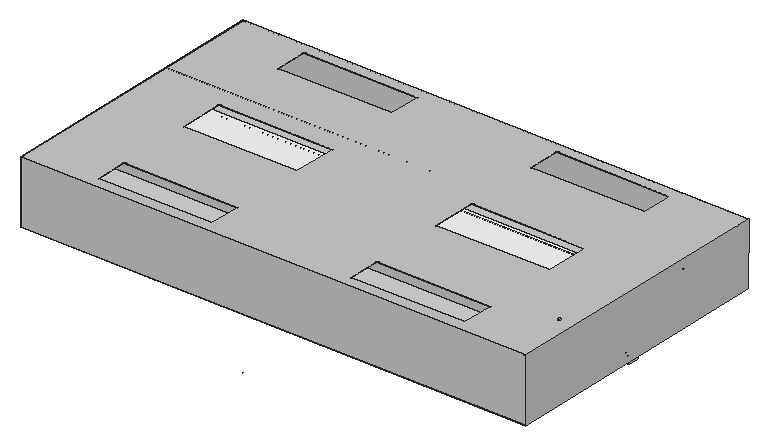
Revit family "QF_ELECTROLUXPROFESSIONAL_641271_STCF2240", category Attrezzature speciali, Revit 2021
Family settings
  Quota connettore circolare = Usa diametro
  Tipo di parte = Normale
  Basato su piano di lavoro = No
  Sempre verticale = Sì
  Taglio con vuoti quando caricato = No
  Condiviso = No
  Punto di calcolo locali = No
Parameters (values of type "Standard")
  Weight = 302.00 kg
  Watts = 640 W
  Volts = 220 V
  URL Manufacturer = "https://www.electroluxprofessional.com/"
  URL = "https://www.electroluxprofessional.com/"
  Steam Supply Size = 0 mm
  Steam Supply Minimum Pressure = 0.0 Pa
  Steam Supply Maximum Pressure = 0.0 Pa
  Steam Consumption per Hour = 0
  Refrigeration Suction Line Size = 0 mm
  Refrigeration Liquid Line Size = 0 mm
  Refrigerant Compressor Remote = yes
  Prospetto di default = 0 mm
  Produttore = "Electrolux Professional"
  Phase = 1
  Modello = "STCF2240"
  Length Actual = 4000 mm  # constant formula
  Item Number = "641271"
  Hot Water Size = 0 mm
  Height Actual = 500 mm  # constant formula
  HP = "0.9 HP"
  Gas Size = 0 mm
  Gas KW = 0
  Gas Input Pressure = 0 W
  Direct Waste Size = 0 mm
  Descrizione = "304 S/S ISLAND HOOD+FILT.+LAMP 4000X2200"
  Depth Actual = 2200 mm  # constant formula
  Cycle = 50 Hz
  Condensate Return Size = 0 mm
  Compressed Air Volume = 0.0 L/s
  Compressed Air Size = 0 mm
  Compressed Air Pressure = 0.0 Pa
  Cold Water Size = 0 mm
  Accessory = yes
Reference planes
  plane 1: z = 0
  plane 2 "Center (Left/Right)": x = 150
  plane 3 "LEFT": x = -1850
  plane 4 "RIGHT": x = 2150
  plane 5 "BACK": y = 550
  plane 6 "TOP": z = 2500
  plane 7 "Base": z = 2000
  plane 8: z = 1955
  plane 9: x = -1847
  plane 10 "DrainX": x = 2030
  plane 11 "AOLeft2": x = -400
  plane 12 "AORight1": x = 700
  plane 13: x = 2147
  plane 14: x = -1650
  plane 15: x = 1950
  plane 16 "Center (Front/Back)": y = -550
  plane 17 "Front": y = -1650
  plane 18 "AOLeft1": x = -1300
  plane 19 "AORight2": x = 1600
  plane 20 "EI_y": y = -1170
  plane 21 "EIx": x = 2030
  plane 22: y = 464
  plane 23: y = 214
  plane 24: y = -1564
  plane 25: y = -1314
  plane 26: y = -375
  plane 27: y = -725
Forms (mm)
  Extrusion 1, solid, material "QF_Finishes_Stainless Steel"
    sketch origin (-1850, 0, 360) x (0, 1, 0) y (0, 0, 1)
      loop
        line (550, 1640) -> (550, 2140) -> (-1650, 2140) -> (-1650, 1640) -> (550, 1640)
    from 0 to 3
  Extrusion 2, solid, material "QF_Finishes_Stainless Steel"
    sketch origin (2150, 0, 360) x (0, 1, 0) y (0, 0, 1)
      loop
        line (550, 1640) -> (550, 2140) -> (-1650, 2140) -> (-1650, 1640) -> (550, 1640)
    from 0 to -3
  Extrusion 3, solid, material "QF_Finishes_Stainless Steel"
    sketch origin (150, 0, 360) x (0, 1, 0) y (0, 0, 1)
      loop
        line (-1650, 2140) -> (-1650, 1640) -> (-1640, 1640) -> (-1640, 1640.8) -> (-1649.2, 1640.8) -> (-1649.2, 2139.19) -> (549.2, 2139.19) -> (549.2, 1640.8) -> (540, 1640.8) -> (540, 1640) -> (550, 1640) -> (550, 2140) -> (-1650, 2140)
    from -2000 to 2000
  Extrusion 4, solid, material "QF_Finishes_Stainless Steel"
    sketch origin (0, -840, 2000) x (0, 1, 0) y (-1, 0, 0)
      loop
        circle (290, -2030) r 4.763
    from -30 to 0
  Extrusion 5, void
    sketch origin (0, 0, 2500) x (0, 1, 0) y (-1, 0, 0)
      loop
        line (-1564, 400) -> (-1314, 400) -> (-1314, 1300) -> (-1564, 1300) -> (-1564, 400)
    from 0 to -10
  Extrusion 6, solid, material "QF_Finishes_Stainless Steel"
    sketch origin (0, 0, 0) x (1, 0, 0) y (0, 1, 0)
      loop
        line (-1850, 550) -> (-1850, 549) -> (-1849, 549) -> (-1849, 550) -> (-1850, 550)
    from 0 to 1
  Sweep 7, solid, material "QF_Finishes_Stainless Steel"
    path origin (0, 0, 0) x (1, 0, 0) y (0, 1, 0)
      loop
        line (2150, 550) -> (-1850, 550) -> (-1850, -1650) -> (2150, -1650) -> (2150, 550)
    profile origin (2150, -550, 0) x (1, 0, 0) y (0, 0, 1)
      loop
        line (-3, 2000) -> (-3, 2000.8) -> (-19, 2000.8) -> (-19, 2010) -> (-20, 2010) -> (-20, 2000) -> (-3, 2000)
  Extrusion 8, solid, material "QF_Finishes_Stainless Steel"
    sketch origin (150, -636.588, -19.176) x (0, 0.995194, 0.097925) y (0, -0.097925, 0.995194)
      loop
        line (214.66, 2095.469) -> (240.643, 2110.471) -> (61.744, 2411.771) -> (35.948, 2396.455) -> (214.66, 2095.469)
    from -1997 to -1800
  Extrusion 9, void
    sketch origin (1134.605, 0, 2500) x (0, 1, 0) y (-1, 0, 0)
      loop
        line (-1564, -465.395) -> (-1314, -465.395) -> (-1314, 434.605) -> (-1564, 434.605) -> (-1564, -465.395)
    from 0 to -10
  Extrusion 10, solid, material "QF_Finishes_Stainless Steel"
    sketch origin (2030, -840, 0) x (0, 1, 0) y (0, 0, 1)
      loop
        line (339, 2000) -> (241, 2000) -> (241, 1989) -> (248.5, 1989) -> (248.5, 1965)
        arc (248.5, 1965) -> (251.429, 1957.929) -> (258.5, 1955) r 10
        line (258.5, 1955) -> (321.5, 1955)
        arc (321.5, 1955) -> (328.571, 1957.929) -> (331.5, 1965) r 10
        line (331.5, 1965) -> (331.5, 1989) -> (339, 1989) -> (339, 2000)
    from 90 to -90
  Extrusion 11, solid, material "QF_Finishes_Stainless Steel"
    sketch origin (150, -636.588, -19.176) x (0, 0.995194, 0.097925) y (0, -0.097925, 0.995194)
      loop
        line (214.66, 2095.469) -> (240.643, 2110.471) -> (61.744, 2411.771) -> (35.948, 2396.455) -> (214.66, 2095.469)
    from 1800 to 1997
  Extrusion 12, solid, material "QF_Finished_Chrome"
    sketch origin (150, -636.588, -19.176) x (0, 0.995194, 0.097925) y (0, -0.097925, 0.995194)
      loop
        line (214.66, 2095.469) -> (240.643, 2110.471) -> (61.744, 2411.771) -> (35.948, 2396.455) -> (214.66, 2095.469)
    from -1800 to 1800
  Extrusion 13, void
    sketch origin (0, 1180, 2500) x (0, 1, 0) y (-1, 0, 0)
      loop
        line (-1555, 400) -> (-1555, 1300) -> (-1905, 1300) -> (-1905, 400) -> (-1555, 400)
    from 0 to -10
  Extrusion 14, void
    sketch origin (1600, 1180, 2500) x (0, 1, 0) y (-1, 0, 0)
      loop
        line (-1555, 0) -> (-1555, 900) -> (-1905, 900) -> (-1905, 0) -> (-1555, 0)
    from 0 to -10
  Extrusion 15, solid, material "QF_Finishes_Stainless Steel"
    sketch origin (0, 0, 2500) x (0, 1, 0) y (-1, 0, 0)
      loop
        circle (-1170, -2030) r 10
    from 0 to 1.6
  Extrusion 16, solid, material "QF_LAMPS"
    sketch origin (150, -267.149, 218.369) x (0, 0.987229, -0.159309) y (0, 0.159309, 0.987229)
      loop
        line (-1250.105, 1928.62) -> (-1096.231, 2053.226) -> (-1104.529, 2063.269) -> (-1258.575, 1938.524) -> (-1250.105, 1928.62)
    from 1997 to -1997
  Extrusion 17, solid, material "QF_Finishes_Stainless Steel"
    sketch origin (150, 0, 360) x (0, 1, 0) y (0, 0, 1)
      loop
        line (-1650, 2139.19) -> (-1650, 1640) -> (-1586.602, 1640) -> (-1499.146, 1690.493) -> (-1510.058, 1709.394) -> (-1566.564, 1676.77) -> (-1614.704, 1680.982) -> (-1649.2, 1730.248) -> (-1649.2, 2139.19) -> (-1650, 2139.19)
      loop
        line (-1194.054, 1961.505) -> (-1200.838, 1972.631) -> (-1186.477, 1980.7) -> (-1186.477, 2127.391) -> (-1085.664, 2127.391) -> (-1029.871, 2072.95) -> (-1022.281, 2060.013) -> (-919.435, 2120.351) -> (-919.902, 2121.003) -> (-1021.996, 2061.107) -> (-1029.236, 2073.448) -> (-1085.338, 2128.191) -> (-1187.277, 2128.191) -> (-1187.277, 1982.446) -> (-1586.208, 1744.533) -> (-1576.362, 1728.386) -> (-1194.054, 1961.505)
    from -1997 to 1997
  Extrusion 18, void
    sketch origin (0, 814, 2500) x (0, 1, 0) y (-1, 0, 0)
      loop
        line (-600, 400) -> (-350, 400) -> (-350, 1300) -> (-600, 1300) -> (-600, 400)
    from 0 to -10
  Extrusion 19, void
    sketch origin (1134.605, 814, 2500) x (0, 1, 0) y (-1, 0, 0)
      loop
        line (-600, -465.395) -> (-350, -465.395) -> (-350, 434.605) -> (-600, 434.605) -> (-600, -465.395)
    from 0 to -10
  Extrusion 20, solid, material "QF_Finishes_Stainless Steel"
    sketch origin (150, 0, 0) x (0, 1, 0) y (0, 0, 1)
      loop
        line (-628.158, 2087.242) -> (-603.769, 2104.716) -> (-811.314, 2387.05) -> (-835.486, 2369.281) -> (-628.158, 2087.242)
    from -1997 to -1800
  Extrusion 21, solid, material "QF_Finished_Chrome"
    sketch origin (150, 0, 0) x (0, 1, 0) y (0, 0, 1)
      loop
        line (-628.158, 2087.242) -> (-603.769, 2104.716) -> (-811.314, 2387.05) -> (-835.486, 2369.281) -> (-628.158, 2087.242)
    from -1800 to 1800
  Extrusion 22, solid, material "QF_Finishes_Stainless Steel"
    sketch origin (150, -870.88, 319.508) x (0, 0.995194, 0.097925) y (0, -0.097925, 0.995194)
      loop
        line (426.151, 1646.675) -> (483.9, 1640.993) -> (483.982, 1641.83) -> (426.613, 1647.475) -> (371.906, 1742.23) -> (414.858, 1734.657) -> (442.266, 1750.481) -> (442.266, 1765.943) -> (441.466, 1765.943) -> (441.466, 1750.943) -> (414.709, 1735.495) -> (321.153, 1751.991) -> (320.875, 1750.416) -> (371.4, 1741.507) -> (426.151, 1646.675)
      loop
        line (162.878, 2155.907) -> (242.893, 2017.316) -> (245.133, 2018.715) -> (240.13, 2027.381) -> (238.569, 2026.405) -> (163.571, 2156.307) -> (162.878, 2155.907)
    from -1997 to 1997
  Extrusion 23, solid, material "QF_Finishes_Stainless Steel"
    sketch origin (150, -463.412, -19.176) x (0, -0.995194, 0.097925) y (0, -0.097925, -0.995194)
      loop
        line (214.66, -2095.469) -> (35.948, -2396.455) -> (61.744, -2411.771) -> (240.643, -2110.471) -> (214.66, -2095.469)
    from 1800 to 1997
  Extrusion 24, solid, material "QF_Finishes_Stainless Steel"
    sketch origin (150, 0, 0) x (0, 1, 0) y (0, 0, 1)
      loop
        line (-471.842, 2087.242) -> (-264.514, 2369.281) -> (-288.686, 2387.05) -> (-496.231, 2104.716) -> (-471.842, 2087.242)
    from -1997 to -1800
  Extrusion 25, solid, material "QF_Finished_Chrome"
    sketch origin (150, 0, 0) x (0, 1, 0) y (0, 0, 1)
      loop
        line (-471.842, 2087.242) -> (-264.514, 2369.281) -> (-288.686, 2387.05) -> (-496.231, 2104.716) -> (-471.842, 2087.242)
    from -1800 to 1800
  Extrusion 26, solid, material "QF_Finishes_Stainless Steel"
    sketch origin (150, -229.12, 319.508) x (0, -0.995194, 0.097925) y (0, -0.097925, -0.995194)
      loop
        line (426.151, -1646.675) -> (371.4, -1741.507) -> (320.875, -1750.416) -> (321.153, -1751.991) -> (414.709, -1735.495) -> (441.466, -1750.943) -> (441.466, -1765.943) -> (442.266, -1765.943) -> (442.266, -1750.481) -> (414.858, -1734.657) -> (371.906, -1742.23) -> (426.613, -1647.475) -> (483.982, -1641.83) -> (483.9, -1640.993) -> (426.151, -1646.675)
      loop
        line (162.878, -2155.907) -> (163.571, -2156.307) -> (238.569, -2026.405) -> (240.13, -2027.381) -> (245.133, -2018.715) -> (242.893, -2017.316) -> (162.878, -2155.907)
    from -1997 to 1997
  Extrusion 27, solid, material "QF_LAMPS"
    sketch origin (150, -832.851, 218.369) x (0, -0.987229, -0.159309) y (0, 0.159309, -0.987229)
      loop
        line (-1250.105, -1928.62) -> (-1258.575, -1938.524) -> (-1104.529, -2063.269) -> (-1096.231, -2053.226) -> (-1250.105, -1928.62)
    from 1997 to -1997
  Extrusion 28, solid, material "QF_Finishes_Stainless Steel"
    sketch origin (150, -1100, 360) x (0, -1, 0) y (0, 0, -1)
      loop
        line (-1650, -2139.19) -> (-1649.2, -2139.19) -> (-1649.2, -1730.248) -> (-1614.704, -1680.982) -> (-1566.564, -1676.77) -> (-1510.058, -1709.394) -> (-1499.146, -1690.493) -> (-1586.602, -1640) -> (-1650, -1640) -> (-1650, -2139.19)
      loop
        line (-1194.054, -1961.505) -> (-1576.362, -1728.386) -> (-1586.208, -1744.533) -> (-1187.277, -1982.446) -> (-1187.277, -2128.191) -> (-1085.338, -2128.191) -> (-1029.236, -2073.448) -> (-1021.996, -2061.107) -> (-919.902, -2121.003) -> (-919.435, -2120.351) -> (-1022.281, -2060.013) -> (-1029.871, -2072.95) -> (-1085.664, -2127.391) -> (-1186.477, -2127.391) -> (-1186.477, -1980.7) -> (-1200.838, -1972.631) -> (-1194.054, -1961.505)
    from -1997 to 1997
Cuts and joins
  Extrusion 5, Extrusion 9, Extrusion 13, Extrusion 14, Extrusion 18, Extrusion 19 cuts Extrusion 3
  joined: Extrusion 2, Extrusion 3, Sweep 7
Lines and regions (mm)
  symbolic lines, style "SpecialityEquipment", detail levels coarse
    curve 1: line (2150, 550, 2500) -> (-1850, 550, 2500)
    curve 2: line (-1850, 550, 2500) -> (-1850, -1650, 2500)
    curve 3: line (2150, -1650, 2500) -> (2150, 550, 2500)
    curve 4: line (-1850, 550, 0) -> (2150, -1650, 0)
    curve 5: line (2150, 550, 0) -> (-1850, -1650, 0)
    curve 6: line (-1850, -1650, 0) -> (2150, -1650, 0)
  symbolic lines, detail levels coarse
    curve 7: line (-1300, 464, 2500) -> (-400, 464, 2500)
    curve 8: line (-1300, 214, 2500) -> (-1300, 464, 2500)
    curve 9: line (-400, 214, 2500) -> (-1300, 214, 2500)
    curve 10: line (-400, 464, 2500) -> (-400, 214, 2500)
    curve 11: line (700, 464, 2500) -> (1600, 464, 2500)
    curve 12: line (700, 214, 2500) -> (700, 464, 2500)
    curve 13: line (1600, 214, 2500) -> (700, 214, 2500)
    curve 14: line (1600, 464, 2500) -> (1600, 214, 2500)
    curve 15: line (-1300, -375, 2500) -> (-400, -375, 2500)
    curve 16: line (-1300, -725, 2500) -> (-1300, -375, 2500)
    curve 17: line (-400, -725, 2500) -> (-1300, -725, 2500)
    curve 18: line (-400, -375, 2500) -> (-400, -725, 2500)
    curve 19: line (700, -375, 2500) -> (1600, -375, 2500)
    curve 20: line (700, -725, 2500) -> (700, -375, 2500)
    curve 21: line (1600, -725, 2500) -> (700, -725, 2500)
    curve 22: line (1600, -375, 2500) -> (1600, -725, 2500)
    curve 23: line (-1300, -1314, 2500) -> (-400, -1314, 2500)
    curve 24: line (-1300, -1564, 2500) -> (-1300, -1314, 2500)
    curve 25: line (-400, -1564, 2500) -> (-1300, -1564, 2500)
    curve 26: line (-400, -1314, 2500) -> (-400, -1564, 2500)
    curve 27: line (700, -1314, 2500) -> (1600, -1314, 2500)
    curve 28: line (700, -1564, 2500) -> (700, -1314, 2500)
    curve 29: line (1600, -1564, 2500) -> (700, -1564, 2500)
    curve 30: line (1600, -1314, 2500) -> (1600, -1564, 2500)
Dimensions and locks
  plane 3 "LEFT" to plane 4 "RIGHT" = 4000 mm
  equal spacing: plane 3 "LEFT", plane 2 "Center (Left/Right)", plane 4 "RIGHT"
  plane 7 "Base" to plane 8 = 45 mm
  plane 3 "LEFT" to plane 9 = 3 mm
  plane 10 "DrainX" to plane 4 "RIGHT" = 120 mm
  plane 13 to plane 4 "RIGHT" = 3 mm
  plane 3 "LEFT" to plane 14 = 200 mm
  plane 15 to plane 4 "RIGHT" = 200 mm
  locked: plane 11 "AOLeft2" to plane 12 "AORight1" at 1100
  equal spacing: plane 11 "AOLeft2", plane 2 "Center (Left/Right)", plane 12 "AORight1"
  locked: plane 7 "Base" to level at 2000
  locked: plane 6 "TOP" to plane 7 "Base" at 500
  locked: plane 18 "AOLeft1" to plane 11 "AOLeft2" at 900
  locked: plane 12 "AORight1" to plane 19 "AORight2" at 900
  locked: plane 20 "EI_y" to plane 17 "Front" at 480
  locked: plane 21 "EIx" to plane 4 "RIGHT" at 120
  locked: plane 5 "BACK" to plane 22 at 86
  plane 22 to plane 23 = 250 mm
  locked: plane 24 to plane 17 "Front" at 86
  locked: plane 24 to plane 25 at 250
  plane 26 to plane 16 "Center (Front/Back)" = 175 mm
  plane 16 "Center (Front/Back)" to plane 27 = 175 mm
  plane 26 to plane 27 = 350 mm
  locked: plane 5 "BACK" to plane 17 "Front" at 2200
  plane 5 "BACK" to plane 16 "Center (Front/Back)" to plane 17 "Front" = 1100 mm, 1100 mm
  plane 5 "BACK" to plane 17 "Front" = 2200 mm
  aligned and locked: level to plane 1
  aligned and locked: plane 4 "RIGHT" to Extrusion 3
  aligned and locked: Extrusion 3 to plane 3 "LEFT"
  aligned and locked: Extrusion 2 to plane 13
  aligned and locked: Extrusion 8 to plane 9
  aligned and locked: plane 18 "AOLeft1" to Extrusion 5
  aligned and locked: Extrusion 5 to plane 11 "AOLeft2"
  aligned and locked: Extrusion 9 to plane 19 "AORight2"
  aligned and locked: plane 12 "AORight1" to Extrusion 9
  aligned and locked: plane 14 to Extrusion 8
  aligned and locked: plane 15 to Extrusion 11
  aligned and locked: plane 13 to Extrusion 11
  aligned and locked: Extrusion 12 to plane 14
  aligned and locked: Extrusion 12 to plane 15
  aligned and locked: plane 12 "AORight1" to Extrusion 14
  aligned and locked: plane 19 "AORight2" to Extrusion 14
  aligned and locked: Extrusion 13 to plane 18 "AOLeft1"
  aligned and locked: Extrusion 13 to plane 11 "AOLeft2"
  aligned and locked: plane 24 to Extrusion 5
  aligned and locked: Extrusion 5 to plane 25
  aligned and locked: Extrusion 9 to plane 25
  aligned and locked: plane 24 to Extrusion 9
  aligned and locked: Extrusion 18 to plane 18 "AOLeft1"
  aligned and locked: Extrusion 18 to plane 11 "AOLeft2"
  aligned and locked: plane 12 "AORight1" to Extrusion 19
  aligned and locked: plane 19 "AORight2" to Extrusion 19
  aligned and locked: plane 26 to Extrusion 13
  aligned and locked: Extrusion 13 to plane 27
  aligned and locked: plane 26 to Extrusion 14
  aligned and locked: Extrusion 14 to plane 27
  aligned and locked: plane 22 to Extrusion 18
  aligned and locked: Extrusion 18 to plane 23
  aligned and locked: plane 22 to Extrusion 19
  aligned and locked: Extrusion 19 to plane 23
  aligned and locked: Extrusion 17 to plane 9
  aligned and locked: Extrusion 16 to plane 9
  aligned and locked: Extrusion 16 to plane 13
  aligned and locked: Extrusion 17 to plane 13
  aligned and locked: Extrusion 28 to plane 9
  aligned and locked: Extrusion 27 to plane 9
  aligned and locked: Extrusion 26 to plane 9
  aligned and locked: plane 9 to Extrusion 20
  aligned and locked: Extrusion 22 to plane 9
  aligned and locked: plane 14 to Extrusion 20
  aligned and locked: Extrusion 25 to plane 14
  aligned and locked: plane 13 to Extrusion 22
  aligned and locked: plane 13 to Extrusion 26
  aligned and locked: plane 13 to Extrusion 28
  aligned and locked: Extrusion 23 to plane 13
  aligned and locked: plane 13 to Extrusion 27
  aligned and locked: Extrusion 21 to plane 14
  aligned and locked: Extrusion 21 to plane 15
  aligned and locked: plane 15 to Extrusion 23
  aligned and locked: Extrusion 25 to plane 15
  aligned and locked: plane 14 to Extrusion 24
  aligned and locked: Extrusion 24 to plane 9
Automatic sketch dimensions
  curve 6 to plane 3 "LEFT" = 0 mm
  curve 4 to plane 3 "LEFT" = 0 mm
  curve 5 to plane 4 "RIGHT" = 0 mm
  curve 6 to plane 4 "RIGHT" = 0 mm
  curve 4 to plane 17 "Front" = 0 mm
  curve 5 to plane 5 "BACK" = 0 mm
  curve 4 to plane 5 "BACK" = 0 mm
  Extrusion 1 sketch curve to plane 7 "Base" = 0 mm
  Extrusion 1 sketch curve to plane 17 "Front" = 0 mm
  Extrusion 1 sketch curve to plane 5 "BACK" = 0 mm
  Extrusion 1 sketch curve to plane 6 "TOP" = 0 mm
  Extrusion 2 sketch curve to plane 7 "Base" = 0 mm
  Extrusion 2 sketch curve to plane 17 "Front" = 0 mm
  Extrusion 2 sketch curve to plane 5 "BACK" = 0 mm
  Extrusion 2 sketch curve to plane 6 "TOP" = 0 mm
  Extrusion 3 sketch curve to plane 6 "TOP" = 0 mm
  Extrusion 3 sketch curve to plane 17 "Front" = 0 mm
  Extrusion 3 sketch curve to plane 7 "Base" = 0 mm  (x2)
  Extrusion 3 sketch curve to plane 5 "BACK" = 0 mm
  plane 17 "Front" to Extrusion 3 sketch curve = 0.8 mm
  Extrusion 3 sketch curve to Extrusion 3 sketch curve = 9.2 mm
  plane 7 "Base" to Extrusion 3 sketch curve = 0.8 mm  (x2)
  Extrusion 3 sketch curve to plane 5 "BACK" = 10 mm
  Extrusion 3 sketch curve to plane 5 "BACK" = 0.8 mm
  Extrusion 3 sketch curve to plane 6 "TOP" = 0.81 mm
  Extrusion 4 sketch curve to plane 10 "DrainX" = 0 mm
  Extrusion 4 sketch curve to plane 16 "Center (Front/Back)" = 0 mm
  Extrusion 5 sketch curve to plane 18 "AOLeft1" = 0 mm
  plane 24 to Extrusion 5 sketch curve = 0 mm
  Extrusion 5 sketch curve to plane 11 "AOLeft2" = 0 mm
  plane 25 to Extrusion 5 sketch curve = 0 mm
  Extrusion 6 sketch curve to plane 3 "LEFT" = 0 mm
  Extrusion 6 sketch curve to plane 5 "BACK" = 0 mm
  plane 3 "LEFT" to Extrusion 6 sketch curve = 1 mm
  Extrusion 6 sketch curve to Extrusion 6 sketch curve = 1 mm
  Sweep 7 sketch curve to plane 3 "LEFT" = 0 mm
  Sweep 7 sketch curve to plane 4 "RIGHT" = 0 mm
  Sweep 7 sketch curve to plane 17 "Front" = 0 mm
  Sweep 7 sketch curve to plane 5 "BACK" = 0 mm
  profile plane to Sweep 7 sketch curve = 20 mm
  Sweep 7 sketch curve to Sweep 7 sketch curve = 1 mm
  profile plane to Sweep 7 sketch curve = 3 mm
  level to Sweep 7 sketch curve = 2000 mm
  Sweep 7 sketch curve to Sweep 7 sketch curve = 0.8 mm
  Sweep 7 sketch curve to Sweep 7 sketch curve = 9.2 mm
  Extrusion 8 sketch curve to plane 27 = 110.486 mm
  Extrusion 8 sketch curve to plane 6 "TOP" = 130.719 mm
  Extrusion 8 sketch curve to Extrusion 8 sketch curve = 25.795 mm
  Extrusion 8 sketch curve to Extrusion 8 sketch curve = 178.712 mm
  Extrusion 8 sketch curve to Extrusion 8 sketch curve = 25.983 mm
  Extrusion 8 sketch curve to Extrusion 8 sketch curve = 285.985 mm
  Extrusion 8 sketch curve to Extrusion 8 sketch curve = 15.001 mm
  Extrusion 8 sketch curve to Extrusion 8 sketch curve = 15.316 mm
  Extrusion 9 sketch curve to plane 12 "AORight1" = 0 mm
  plane 24 to Extrusion 9 sketch curve = 0 mm
  Extrusion 9 sketch curve to plane 19 "AORight2" = 0 mm
  plane 25 to Extrusion 9 sketch curve = 0 mm
  Extrusion 10 sketch curve to plane 8 = 0 mm
  Extrusion 10 sketch curve to plane 7 "Base" = 11 mm  (x2)
  Extrusion 10 sketch curve to plane 16 "Center (Front/Back)" = 49 mm
  Extrusion 10 sketch curve to Extrusion 10 sketch curve = 7.5 mm  (x2)
  plane 8 to Extrusion 10 sketch curve = 10 mm
  plane 16 "Center (Front/Back)" to Extrusion 10 sketch curve = 31.5 mm
  Extrusion 10 sketch curve to Extrusion 10 sketch curve = 10 mm
  plane 7 "Base" to Extrusion 10 sketch curve = 0 mm
  Extrusion 11 sketch curve to plane 27 = 110.486 mm
  Extrusion 11 sketch curve to plane 6 "TOP" = 130.719 mm
  Extrusion 11 sketch curve to Extrusion 11 sketch curve = 25.795 mm
  Extrusion 11 sketch curve to Extrusion 11 sketch curve = 178.712 mm
  Extrusion 11 sketch curve to Extrusion 11 sketch curve = 25.983 mm
  Extrusion 11 sketch curve to Extrusion 11 sketch curve = 285.985 mm
  Extrusion 11 sketch curve to Extrusion 11 sketch curve = 15.001 mm
  Extrusion 11 sketch curve to Extrusion 11 sketch curve = 15.316 mm
  Extrusion 12 sketch curve to plane 27 = 110.486 mm
  Extrusion 12 sketch curve to plane 6 "TOP" = 130.719 mm
  Extrusion 12 sketch curve to Extrusion 12 sketch curve = 25.795 mm
  Extrusion 12 sketch curve to Extrusion 12 sketch curve = 178.712 mm
  Extrusion 12 sketch curve to Extrusion 12 sketch curve = 25.983 mm
  Extrusion 12 sketch curve to Extrusion 12 sketch curve = 285.985 mm
  Extrusion 12 sketch curve to Extrusion 12 sketch curve = 15.001 mm
  Extrusion 12 sketch curve to Extrusion 12 sketch curve = 15.316 mm
  Extrusion 13 sketch curve to plane 11 "AOLeft2" = 0 mm
  Extrusion 13 sketch curve to plane 27 = 0 mm
  Extrusion 13 sketch curve to plane 26 = 0 mm
  Extrusion 13 sketch curve to plane 18 "AOLeft1" = 0 mm
  Extrusion 14 sketch curve to plane 19 "AORight2" = 0 mm
  Extrusion 14 sketch curve to plane 27 = 0 mm
  Extrusion 14 sketch curve to plane 26 = 0 mm
  Extrusion 14 sketch curve to plane 12 "AORight1" = 0 mm
  Extrusion 15 sketch curve to plane 20 "EI_y" = 0 mm
  Extrusion 15 sketch curve to plane 21 "EIx" = 0 mm
  Extrusion 16 sketch curve to plane 20 "EI_y" = 30.826 mm
  Extrusion 16 sketch curve to plane 6 "TOP" = 167.362 mm
  Extrusion 16 sketch curve to Extrusion 16 sketch curve = 8.47 mm
  Extrusion 16 sketch curve to Extrusion 16 sketch curve = 154.047 mm
  Extrusion 16 sketch curve to Extrusion 16 sketch curve = 8.298 mm
  Extrusion 16 sketch curve to Extrusion 16 sketch curve = 9.904 mm
  Extrusion 16 sketch curve to Extrusion 16 sketch curve = 124.605 mm
  Extrusion 16 sketch curve to Extrusion 16 sketch curve = 10.043 mm
  Extrusion 17 sketch curve to plane 17 "Front" = 0 mm
  Extrusion 17 sketch curve to plane 7 "Base" = 0 mm
  plane 17 "Front" to Extrusion 17 sketch curve = 0.8 mm
  plane 17 "Front" to Extrusion 17 sketch curve = 35.296 mm
  plane 24 to Extrusion 17 sketch curve = 22.602 mm
  plane 24 to Extrusion 17 sketch curve = 22.208 mm
  plane 24 to Extrusion 17 sketch curve = 12.362 mm
  plane 24 to Extrusion 17 sketch curve = 2.564 mm
  Extrusion 17 sketch curve to plane 24 = 53.942 mm
  Extrusion 17 sketch curve to Extrusion 17 sketch curve = 10.912 mm
  Extrusion 17 sketch curve to plane 20 "EI_y" = 30.838 mm
  Extrusion 17 sketch curve to Extrusion 17 sketch curve = 6.784 mm
  Extrusion 17 sketch curve to Extrusion 17 sketch curve = 13.561 mm
  Extrusion 17 sketch curve to Extrusion 17 sketch curve = 0.8 mm  (x2)
  Extrusion 17 sketch curve to plane 6 "TOP" = 12.609 mm
  plane 20 "EI_y" to Extrusion 17 sketch curve = 84.336 mm
  Extrusion 17 sketch curve to Extrusion 17 sketch curve = 0.326 mm
  Extrusion 17 sketch curve to plane 6 "TOP" = 67.05 mm
  Extrusion 17 sketch curve to Extrusion 17 sketch curve = 55.793 mm
  Extrusion 17 sketch curve to plane 6 "TOP" = 66.552 mm
  Extrusion 17 sketch curve to Extrusion 17 sketch curve = 0.636 mm
  Extrusion 17 sketch curve to Extrusion 17 sketch curve = 7.59 mm
  Extrusion 17 sketch curve to plane 6 "TOP" = 78.893 mm
  Extrusion 17 sketch curve to Extrusion 17 sketch curve = 0.285 mm
  Extrusion 17 sketch curve to plane 6 "TOP" = 18.997 mm
  Extrusion 17 sketch curve to plane 6 "TOP" = 19.649 mm
  Extrusion 17 sketch curve to Extrusion 17 sketch curve = 0.467 mm
  plane 7 "Base" to Extrusion 17 sketch curve = 36.77 mm
  plane 7 "Base" to Extrusion 17 sketch curve = 40.982 mm
  plane 7 "Base" to Extrusion 17 sketch curve = 50.493 mm
  Extrusion 17 sketch curve to Extrusion 17 sketch curve = 18.901 mm
  Extrusion 17 sketch curve to Extrusion 17 sketch curve = 51.616 mm
  Extrusion 17 sketch curve to Extrusion 17 sketch curve = 49.266 mm
  Extrusion 17 sketch curve to Extrusion 17 sketch curve = 16.147 mm
  Extrusion 17 sketch curve to Extrusion 17 sketch curve = 165.885 mm
  Extrusion 17 sketch curve to Extrusion 17 sketch curve = 8.069 mm
  Extrusion 17 sketch curve to Extrusion 17 sketch curve = 1.746 mm
  Extrusion 17 sketch curve to Extrusion 17 sketch curve = 1.094 mm
  Extrusion 17 sketch curve to plane 6 "TOP" = 0.81 mm
  plane 18 "AOLeft1" to Extrusion 18 sketch curve = 0 mm
  Extrusion 18 sketch curve to plane 23 = 0 mm
  Extrusion 18 sketch curve to plane 11 "AOLeft2" = 0 mm
  Extrusion 18 sketch curve to plane 22 = 0 mm
  Extrusion 19 sketch curve to plane 12 "AORight1" = 0 mm
  Extrusion 19 sketch curve to plane 23 = 0 mm
  Extrusion 19 sketch curve to plane 19 "AORight2" = 0 mm
  Extrusion 19 sketch curve to plane 22 = 0 mm
  Extrusion 22 sketch curve to plane 6 "TOP" = 18.997 mm
  Extrusion 22 sketch curve to plane 27 = 194.902 mm
  Extrusion 22 sketch curve to Extrusion 22 sketch curve = 0.693 mm
  Extrusion 22 sketch curve to Extrusion 22 sketch curve = 74.998 mm
  Extrusion 22 sketch curve to Extrusion 22 sketch curve = 1.561 mm
  Extrusion 22 sketch curve to Extrusion 22 sketch curve = 4.324 mm
  Extrusion 22 sketch curve to Extrusion 22 sketch curve = 2.24 mm
  Extrusion 22 sketch curve to Extrusion 22 sketch curve = 77.982 mm
  Extrusion 22 sketch curve to Extrusion 22 sketch curve = 0.278 mm
  Extrusion 22 sketch curve to Extrusion 22 sketch curve = 50.525 mm
  Extrusion 22 sketch curve to Extrusion 22 sketch curve = 0.506 mm
  Extrusion 22 sketch curve to Extrusion 22 sketch curve = 42.803 mm
  Extrusion 22 sketch curve to Extrusion 22 sketch curve = 0.148 mm
  Extrusion 22 sketch curve to Extrusion 22 sketch curve = 11.294 mm
  Extrusion 22 sketch curve to Extrusion 22 sketch curve = 0.462 mm  (x2)
  Extrusion 22 sketch curve to Extrusion 22 sketch curve = 57.287 mm
  Extrusion 22 sketch curve to Extrusion 22 sketch curve = 0.082 mm
  Extrusion 22 sketch curve to Extrusion 22 sketch curve = 26.757 mm
  Extrusion 22 sketch curve to Extrusion 22 sketch curve = 0.8 mm
  Extrusion 22 sketch curve to Extrusion 22 sketch curve = 128.526 mm
  Extrusion 22 sketch curve to Extrusion 22 sketch curve = 0.975 mm
  Extrusion 22 sketch curve to Extrusion 22 sketch curve = 1.399 mm
  Extrusion 22 sketch curve to Extrusion 22 sketch curve = 252.773 mm
  Extrusion 22 sketch curve to Extrusion 22 sketch curve = 13.951 mm
  Extrusion 22 sketch curve to Extrusion 22 sketch curve = 15 mm
  Extrusion 22 sketch curve to Extrusion 22 sketch curve = 1.575 mm
  Extrusion 22 sketch curve to Extrusion 22 sketch curve = 0.723 mm
  Extrusion 22 sketch curve to Extrusion 22 sketch curve = 0.838 mm
  Extrusion 22 sketch curve to Extrusion 22 sketch curve = 87.182 mm
  Extrusion 22 sketch curve to Extrusion 22 sketch curve = 5.645 mm
  Extrusion 23 sketch curve to plane 26 = 110.486 mm
  plane 6 "TOP" to Extrusion 23 sketch curve = 130.719 mm
  Extrusion 23 sketch curve to Extrusion 23 sketch curve = 25.795 mm
  Extrusion 23 sketch curve to Extrusion 23 sketch curve = 178.712 mm
  Extrusion 23 sketch curve to Extrusion 23 sketch curve = 25.983 mm
  Extrusion 23 sketch curve to Extrusion 23 sketch curve = 285.985 mm
  Extrusion 23 sketch curve to Extrusion 23 sketch curve = 15.001 mm
  Extrusion 23 sketch curve to Extrusion 23 sketch curve = 15.316 mm
  Extrusion 26 sketch curve to plane 6 "TOP" = 18.997 mm
  plane 26 to Extrusion 26 sketch curve = 194.902 mm
  Extrusion 26 sketch curve to Extrusion 26 sketch curve = 0.693 mm
  Extrusion 26 sketch curve to Extrusion 26 sketch curve = 74.998 mm
  Extrusion 26 sketch curve to Extrusion 26 sketch curve = 1.561 mm
  Extrusion 26 sketch curve to Extrusion 26 sketch curve = 4.324 mm
  Extrusion 26 sketch curve to Extrusion 26 sketch curve = 2.24 mm
  Extrusion 26 sketch curve to Extrusion 26 sketch curve = 77.982 mm
  Extrusion 26 sketch curve to Extrusion 26 sketch curve = 0.278 mm
  Extrusion 26 sketch curve to Extrusion 26 sketch curve = 50.525 mm
  Extrusion 26 sketch curve to Extrusion 26 sketch curve = 0.506 mm
  Extrusion 26 sketch curve to Extrusion 26 sketch curve = 42.803 mm
  Extrusion 26 sketch curve to Extrusion 26 sketch curve = 0.148 mm
  Extrusion 26 sketch curve to Extrusion 26 sketch curve = 11.294 mm
  Extrusion 26 sketch curve to Extrusion 26 sketch curve = 0.462 mm  (x2)
  Extrusion 26 sketch curve to Extrusion 26 sketch curve = 57.287 mm
  Extrusion 26 sketch curve to Extrusion 26 sketch curve = 0.082 mm
  Extrusion 26 sketch curve to Extrusion 26 sketch curve = 26.757 mm
  Extrusion 26 sketch curve to Extrusion 26 sketch curve = 0.8 mm
  Extrusion 26 sketch curve to Extrusion 26 sketch curve = 0.4 mm
  Extrusion 26 sketch curve to Extrusion 26 sketch curve = 0.975 mm
  Extrusion 26 sketch curve to Extrusion 26 sketch curve = 1.399 mm
  Extrusion 26 sketch curve to Extrusion 26 sketch curve = 252.773 mm
  Extrusion 26 sketch curve to Extrusion 26 sketch curve = 13.951 mm
  Extrusion 26 sketch curve to Extrusion 26 sketch curve = 15 mm
  Extrusion 26 sketch curve to Extrusion 26 sketch curve = 1.575 mm
  Extrusion 26 sketch curve to Extrusion 26 sketch curve = 0.723 mm
  Extrusion 26 sketch curve to Extrusion 26 sketch curve = 0.838 mm
  Extrusion 26 sketch curve to Extrusion 26 sketch curve = 87.182 mm
  Extrusion 26 sketch curve to Extrusion 26 sketch curve = 5.645 mm
  plane 23 to Extrusion 27 sketch curve = 113.174 mm
  plane 6 "TOP" to Extrusion 27 sketch curve = 167.362 mm
  Extrusion 27 sketch curve to Extrusion 27 sketch curve = 8.47 mm
  Extrusion 27 sketch curve to Extrusion 27 sketch curve = 154.047 mm
  Extrusion 27 sketch curve to Extrusion 27 sketch curve = 8.298 mm
  Extrusion 27 sketch curve to Extrusion 27 sketch curve = 9.904 mm
  Extrusion 27 sketch curve to Extrusion 27 sketch curve = 124.605 mm
  Extrusion 27 sketch curve to Extrusion 27 sketch curve = 10.043 mm
  Extrusion 28 sketch curve to plane 5 "BACK" = 0 mm
  Extrusion 28 sketch curve to plane 7 "Base" = 0 mm
  Extrusion 28 sketch curve to Extrusion 28 sketch curve = 0.8 mm  (x3)
  plane 5 "BACK" to Extrusion 28 sketch curve = 35.296 mm
  Extrusion 28 sketch curve to plane 22 = 22.602 mm
  Extrusion 28 sketch curve to plane 22 = 22.208 mm
  Extrusion 28 sketch curve to plane 22 = 12.362 mm
  Extrusion 28 sketch curve to plane 22 = 2.564 mm
  plane 22 to Extrusion 28 sketch curve = 53.942 mm
  Extrusion 28 sketch curve to Extrusion 28 sketch curve = 10.912 mm
  plane 23 to Extrusion 28 sketch curve = 113.162 mm
  Extrusion 28 sketch curve to Extrusion 28 sketch curve = 6.784 mm
  Extrusion 28 sketch curve to Extrusion 28 sketch curve = 13.561 mm
  plane 6 "TOP" to Extrusion 28 sketch curve = 12.609 mm
  Extrusion 28 sketch curve to Extrusion 28 sketch curve = 100.813 mm
  Extrusion 28 sketch curve to Extrusion 28 sketch curve = 0.326 mm
  plane 6 "TOP" to Extrusion 28 sketch curve = 67.05 mm
  Extrusion 28 sketch curve to Extrusion 28 sketch curve = 55.793 mm
  plane 6 "TOP" to Extrusion 28 sketch curve = 66.552 mm
  Extrusion 28 sketch curve to Extrusion 28 sketch curve = 0.636 mm
  plane 6 "TOP" to Extrusion 28 sketch curve = 79.987 mm
  Extrusion 28 sketch curve to Extrusion 28 sketch curve = 7.59 mm
  plane 6 "TOP" to Extrusion 28 sketch curve = 78.893 mm
  Extrusion 28 sketch curve to Extrusion 28 sketch curve = 0.285 mm
  plane 6 "TOP" to Extrusion 28 sketch curve = 18.997 mm
  plane 6 "TOP" to Extrusion 28 sketch curve = 19.649 mm
  Extrusion 28 sketch curve to Extrusion 28 sketch curve = 0.467 mm
  Extrusion 28 sketch curve to plane 7 "Base" = 36.77 mm
  Extrusion 28 sketch curve to plane 7 "Base" = 40.982 mm
  Extrusion 28 sketch curve to plane 7 "Base" = 50.493 mm
  Extrusion 28 sketch curve to Extrusion 28 sketch curve = 18.901 mm
  Extrusion 28 sketch curve to Extrusion 28 sketch curve = 51.616 mm
  Extrusion 28 sketch curve to Extrusion 28 sketch curve = 49.266 mm
  Extrusion 28 sketch curve to Extrusion 28 sketch curve = 16.147 mm
  Extrusion 28 sketch curve to Extrusion 28 sketch curve = 165.885 mm
  Extrusion 28 sketch curve to Extrusion 28 sketch curve = 8.069 mm
  Extrusion 28 sketch curve to Extrusion 28 sketch curve = 1.746 mm
  plane 6 "TOP" to Extrusion 28 sketch curve = 0.81 mm
  Extrusion 21 sketch curve to plane 27 = 110.486 mm
  Extrusion 21 sketch curve to Extrusion 21 sketch curve = 24.172 mm
  Extrusion 21 sketch curve to plane 16 "Center (Front/Back)" = 78.158 mm
  Extrusion 21 sketch curve to Extrusion 21 sketch curve = 24.389 mm
  plane 7 "Base" to Extrusion 21 sketch curve = 87.242 mm
  Extrusion 21 sketch curve to Extrusion 21 sketch curve = 17.473 mm
  Extrusion 21 sketch curve to plane 6 "TOP" = 130.719 mm
  Extrusion 21 sketch curve to Extrusion 21 sketch curve = 17.769 mm
  Extrusion 20 sketch curve to plane 27 = 110.486 mm
  Extrusion 20 sketch curve to Extrusion 20 sketch curve = 24.172 mm
  Extrusion 20 sketch curve to plane 16 "Center (Front/Back)" = 78.158 mm
  Extrusion 20 sketch curve to Extrusion 20 sketch curve = 24.389 mm
  plane 7 "Base" to Extrusion 20 sketch curve = 87.242 mm
  Extrusion 20 sketch curve to Extrusion 20 sketch curve = 17.473 mm
  Extrusion 20 sketch curve to plane 6 "TOP" = 130.719 mm
  Extrusion 20 sketch curve to Extrusion 20 sketch curve = 17.769 mm
  plane 16 "Center (Front/Back)" to Extrusion 24 sketch curve = 53.769 mm
  Extrusion 24 sketch curve to Extrusion 24 sketch curve = 24.389 mm
  plane 26 to Extrusion 24 sketch curve = 86.314 mm
  Extrusion 24 sketch curve to Extrusion 24 sketch curve = 24.172 mm
  plane 7 "Base" to Extrusion 24 sketch curve = 87.242 mm
  Extrusion 24 sketch curve to Extrusion 24 sketch curve = 17.473 mm
  Extrusion 24 sketch curve to plane 6 "TOP" = 130.719 mm
  Extrusion 24 sketch curve to Extrusion 24 sketch curve = 17.769 mm
  plane 16 "Center (Front/Back)" to Extrusion 25 sketch curve = 53.769 mm
  Extrusion 25 sketch curve to Extrusion 25 sketch curve = 24.389 mm
  plane 26 to Extrusion 25 sketch curve = 86.314 mm
  Extrusion 25 sketch curve to Extrusion 25 sketch curve = 24.172 mm
  plane 7 "Base" to Extrusion 25 sketch curve = 87.242 mm
  Extrusion 25 sketch curve to Extrusion 25 sketch curve = 17.473 mm
  Extrusion 25 sketch curve to plane 6 "TOP" = 130.719 mm
  Extrusion 25 sketch curve to Extrusion 25 sketch curve = 17.769 mm
  curve 2 to plane 3 "LEFT" = 0 mm
  curve 2 to plane 17 "Front" = 0 mm
  curve 3 to plane 4 "RIGHT" = 0 mm
  curve 3 to plane 17 "Front" = 0 mm
  curve 29 to plane 12 "AORight1" = 0 mm
  plane 24 to curve 29 = 0 mm
  curve 25 to plane 11 "AOLeft2" = 0 mm
  plane 24 to curve 25 = 0 mm
  plane 25 to curve 26 = 0 mm
  plane 25 to curve 28 = 0 mm
  curve 22 to plane 19 "AORight2" = 0 mm
  curve 22 to plane 27 = 0 mm
  curve 18 to plane 11 "AOLeft2" = 0 mm
  curve 18 to plane 27 = 0 mm
  curve 16 to plane 18 "AOLeft1" = 0 mm
  curve 16 to plane 26 = 0 mm
  curve 19 to plane 12 "AORight1" = 0 mm
  curve 19 to plane 26 = 0 mm
  curve 13 to plane 12 "AORight1" = 0 mm
  curve 13 to plane 23 = 0 mm
  curve 9 to plane 11 "AOLeft2" = 0 mm
  curve 9 to plane 23 = 0 mm
  curve 10 to plane 22 = 0 mm
  curve 12 to plane 22 = 0 mm
  curve 2 to plane 5 "BACK" = 0 mm
  curve 27 to plane 19 "AORight2" = 0 mm
  curve 14 to plane 19 "AORight2" = 0 mm
  curve 7 to plane 18 "AOLeft1" = 0 mm
  curve 24 to plane 18 "AOLeft1" = 0 mm
  radius of Extrusion 4 sketch curve = 4.763 mm
  radius of Extrusion 15 sketch curve = 10 mm
Connectors
  piping at (2030, -550, 1970), diameter 9.5
    settings: on Extrusion 4, index 1, connector inside diameter 609.6 mm, connector length 0 mm, flow factor 0, pipe flow 0.0 L/s, pressure drop 0.0 Pa, fitting loss kfactor 0, connector angle 0.00°, fixture units 0, engagement length 0 mm, angle of deflection 0.00°, flow configuration 1, flow direction 2, fitting loss method 0, system type 16, joint type 0, gender type 0, connector reference index -1, connector utility 0, adjustable connector no, is connector primary yes, connector description "Drain"
  hvac at (-850, -1439, 2500)
    settings: on Extrusion 5, index 2, duct flow 0.0 L/s, flow factor 0, pres drop 0.0 Pa, loss coef 0, conn angle 0.00°, conn width 250 mm, conn height 900 mm, conn diameter 609.6 mm, duct sys type 1, conn prof type 1, flow config 1, flow direction 1, loss method 0, conn ref index -1, conn util no, is conn primary yes, conn desc "AIR INLET"
  hvac at (1150, -1439, 2500)
    settings: on Extrusion 9, index 3, duct flow 0.0 L/s, flow factor 0, pres drop 0.0 Pa, loss coef 0, conn angle 0.00°, conn width 250 mm, conn height 900 mm, conn diameter 609.6 mm, duct sys type 1, conn prof type 1, flow config 1, flow direction 1, loss method 0, conn ref index -1, conn util no, is conn primary no, conn desc "AIR INLET"
  hvac at (-850, -550, 2500)
    settings: on Extrusion 13, index 4, duct flow 0.0 L/s, flow factor 0, pres drop 0.0 Pa, loss coef 0, conn angle 0.00°, conn width 350 mm, conn height 900 mm, conn diameter 609.6 mm, duct sys type 3, conn prof type 1, flow config 1, flow direction 2, loss method 0, conn ref index -1, conn util no, is conn primary no, conn desc "EXHAUST OUTLET"
  hvac at (1150, -550, 2500)
    settings: on Extrusion 14, index 5, duct flow 0.0 L/s, flow factor 0, pres drop 0.0 Pa, loss coef 0, conn angle 0.00°, conn width 350 mm, conn height 900 mm, conn diameter 609.6 mm, duct sys type 3, conn prof type 1, flow config 1, flow direction 2, loss method 0, conn ref index -1, conn util no, is conn primary no, conn desc "EXHAUST OUTLET"
  electrical at (2030, -1170, 2501.6), driven by "Volts"
    settings: on Extrusion 15, index 6, voltage 220 V, apparent load 0 VA, apparent load phase1 0 VA, apparent load phase2 0 VA, apparent load phase3 0 VA, power factor 1, load classification "Other", number of poles 1, system type 30, power factor state 1, is connector primary yes, connector utility no, sub classification motor no, connector description "Electrical Connection"
  hvac at (-850, 339, 2500)
    settings: on Extrusion 18, index 7, duct flow 0.0 L/s, flow factor 0, pres drop 0.0 Pa, loss coef 0, conn angle 0.00°, conn width 250 mm, conn height 900 mm, conn diameter 609.6 mm, duct sys type 1, conn prof type 1, flow config 1, flow direction 1, loss method 0, conn ref index -1, conn util no, is conn primary no, conn desc "AIR INLET"
  hvac at (1150, 339, 2500)
    settings: on Extrusion 19, index 8, duct flow 0.0 L/s, flow factor 0, pres drop 0.0 Pa, loss coef 0, conn angle 0.00°, conn width 250 mm, conn height 900 mm, conn diameter 609.6 mm, duct sys type 1, conn prof type 1, flow config 1, flow direction 1, loss method 0, conn ref index -1, conn util no, is conn primary no, conn desc "AIR INLET"
